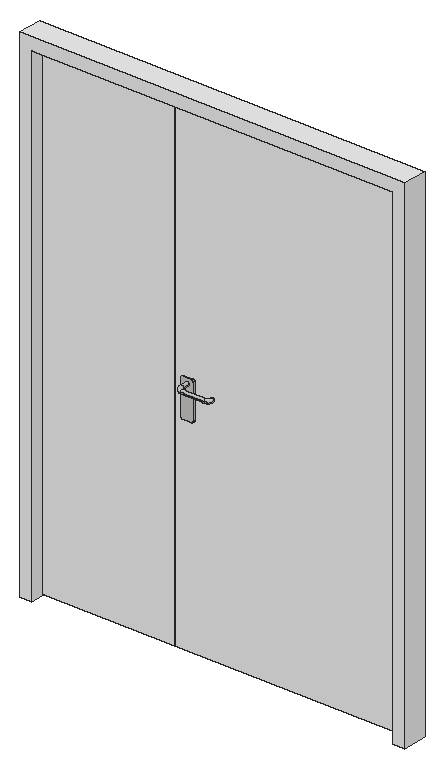
Revit family "Double Flush Uneven", category Doors, host Wall, Revit 2015
Parameters (values of type "10+6x21M")
  Wall Thickness [instance] = 200 mm
  URL = "www.cad-q.no"
  Material Threshold = Wood
  Material Panel = none
  Material Frame = none
  Gap Side [instance] = 10 mm
  Gap Top [instance] = 20 mm
  Threshold = no
  Width Side Panel = 600 mm
  Rough Width = 1590 mm
  Rough Height = 2090 mm
  Module Width Side Panel = Width Side Panel / 100 mm  # 6
  Module Width = Rough Width / 100 mm  # 16
  Module Height = Rough Height / 100 mm  # 21
  Model = ""
  Offset [instance] = 0 mm
  Height [instance] = Rough Height + Gap Top  # 2110 mm
  Wall Closure = By host
  Width [instance] = Rough Width + Gap Side * 2  # 1610 mm
  Function = Interior
  Frame Width = 50 mm
  Frame Depth = 100 mm
  Fire Rating = "-"
  DoorBasalOpening = "V"
  Door Handle [instance] = Stainless Steel : Stainless Steel
  Construction Type = ""
  Analytic Construction = "<None>"
Reference planes
  plane 1: y = -10
  plane 2 "Left": x = -875
  plane 3 "Right": x = 715
  plane 4: z = 2090
  plane 5 "Exterior": y = 90
  plane 6 "Interior": y = -110
  plane 7: x = -885
  plane 8: x = 725
  plane 9 "Offset": y = 90
  plane 10: z = 2110
  plane 11: z = 1045
  plane 12 "Center": x = -80
  plane 13: x = -275
  plane 14: x = -220
  plane 15: x = -885
  plane 16: x = 725
  plane 17: y = -10
  plane 18: z = 2110
Forms (mm)
  Sweep 1, solid, material <- "Material Frame"
    path origin (0, 90, 0) x (-1, 0, 0) y (0, 0, 1)
      loop
        line (875, 0) -> (875, 2090) -> (-715, 2090) -> (-715, 0)
    profile origin (715, 90, 1045) x (0, 1, 0) y (-1, 0, 0)
      loop
        line (0, 0) -> (0, 50) -> (-100, 50) -> (-100, 0) -> (0, 0)
  Sweep 2, solid, material "Wood" <- "Material Threshold", visible <- "Threshold"
    path origin (0, 90, 0) x (-1, 0, 0) y (0, 0, 1)
      loop
        line (-665, 0) -> (825, 0)
    profile origin (-80, 90, 0) x (0, 0, 1) y (0, 1, 0)
      loop
        line (0, 0) -> (0, -100) -> (10, -100) -> (10, 0) -> (0, 0)
  Extrusion 3, solid, material <- "Material Panel"
    sketch origin (0, 90, 0) x (-1, 0, 0) y (0, 0, 1)
      loop
        line (825, 10) -> (825, 2040) -> (275, 2040) -> (275, 10) -> (825, 10)
    from 0 to -50
  Extrusion 4, solid, material <- "Material Panel"
    sketch origin (0, 90, 0) x (-1, 0, 0) y (0, 0, 1)
      loop
        line (-665, 10) -> (275, 10) -> (275, 2040) -> (-665, 2040) -> (-665, 10)
    from 0 to -50
Lines and regions (mm)
  Opening 1
    outline origin (-3050, -110, 0) x (1, 0, 0) y (0, 0, 1)
      loop
        line (2165, 0) -> (3775, 0) -> (3775, 2110) -> (2165, 2110) -> (2165, 0)
  symbolic lines, style "DoorsFrameMullionProjection", detail levels medium
    curve 1: line (-885, 90, 0) -> (-825, 90, 0)
    curve 3: line (-825, -10, 0) -> (-885, -10, 0)
    curve 7: line (725, 90, 0) -> (665, 90, 0)
    curve 9: line (665, -10, 0) -> (725, -10, 0)
  symbolic lines, style "DoorsFrameMullionProjection", detail levels medium+fine
    curve 2: line (-825, 90, 0) -> (-825, -10, 0)
    curve 8: line (665, 90, 0) -> (665, -10, 0)
  symbolic lines, style "DoorsFrameMullionProjection", detail levels fine
    curve 4: line (-825, 90, 0) -> (-875, 90, 0)
    curve 5: line (-875, 90, 0) -> (-875, -10, 0)
    curve 6: line (-875, -10, 0) -> (-825, -10, 0)
    curve 10: line (665, 90, 0) -> (715, 90, 0)
    curve 11: line (715, 90, 0) -> (715, -10, 0)
    curve 12: line (715, -10, 0) -> (665, -10, 0)
  symbolic lines, style "DoorsFrameMullionProjection", visible <- "Threshold", detail levels medium+fine
    curve 13: line (-825, -10, 0) -> (665, -10, 0)
    curve 14: line (-825, 90, 0) -> (665, 90, 0)
  symbolic lines, style "Plan Swing", detail levels medium+fine
    curve 15: line (665, 90, 0) -> (665, 1030, 0)
    curve 16: arc (-275, 90, 0) -> (0.32, 754.68, 0) -> (665, 1030, 0) r 940
    curve 17: line (-825, 90, 0) -> (-825, 640, 0)
    curve 18: arc (-275, 90, 0) -> (-436.091, 478.909, 0) -> (-825, 640, 0) r 550
  symbolic lines, style "Plan Swing", detail levels coarse
    curve 19: arc (-275, 90, 0) -> (-453.665, 521.335, 0) -> (-885, 700, 0) r 610
    curve 20: line (-885, 700, 0) -> (-885, 90, 0)
    curve 21: arc (-275, 90, 0) -> (17.893, 797.107, 0) -> (725, 1090, 0) r 1000
    curve 22: line (725, 1090, 0) -> (725, 90, 0)
  symbolic lines, style "Elevation Swing", detail levels coarse+medium
    curve 23: line (715, 90, 2090) -> (-275, 90, 1045)
    curve 24: line (-275, 90, 1045) -> (715, 90, 0)
    curve 25: line (-875, 90, 2090) -> (-275, 90, 1045)
    curve 26: line (-275, 90, 1045) -> (-875, 90, 0)
Text (mm)
  text "Exterior" at (-2295.016, 1099.543, 0), in view "Ref. Level"
  text "Exterior" at (0, 1615.38, 3698.081), in view "Left"
  text "Exterior" at (0, 1036.032, 3874.932), in view "Right"
Dimensions and locks
  "Rough Width": plane 2 "Left" to plane 3 "Right"
  "Rough Height": plane 4 to host wall
  locked: plane 5 "Exterior" to host wall at 0
  locked: plane 6 "Interior" to host wall
  "Gap Side": plane 3 "Right" to plane 8
  "Gap Side": plane 7 to plane 2 "Left"
  "Gap Top": plane 4 to plane 10
  "Offset": plane 5 "Exterior" to plane 9 "Offset"
  locked: Sweep 2 sketch curve to Sweep 2 sketch curve at 10
  equal spacing: level, plane 11, plane 4
  equal spacing: plane 7, plane 12 "Center", plane 8
  locked: plane 14 to plane 13 at 55
  "Width Side Panel": plane 2 "Left" to plane 13
  "Frame Depth": plane 9 "Offset" to plane 17
  "Frame Width": Sweep 1 sketch curve to plane 3 "Right"
  "Wall Thickness": host wall to host wall
  aligned and locked: Opening 1 sketch curve to level
  aligned and locked: plane 1 to host wall
  aligned and locked: Opening 1 sketch curve to plane 8
  aligned and locked: plane 10 to Opening 1 sketch curve
  aligned and locked: Opening 1 sketch curve to plane 7
  aligned and locked: Sweep 2 sketch curve to Sweep 1
  aligned and locked: profile plane to Sweep 2 sketch curve
  aligned and locked: Sweep 1 sketch curve to plane 9 "Offset"
  aligned and locked: curve 1 to plane 9 "Offset"
  aligned and locked: curve 2 to Sweep 1
  aligned and locked: plane 9 "Offset" to curve 4
  aligned and locked: plane 2 "Left" to curve 5
  aligned and locked: Sweep 1 to curve 8
  aligned and locked: plane 9 "Offset" to curve 7
  aligned and locked: curve 10 to plane 9 "Offset"
  aligned and locked: plane 3 "Right" to curve 11
  aligned and locked: Extrusion 3 sketch curve to plane 13
  aligned and locked: Extrusion 4 sketch curve to plane 13
  aligned and locked: plane 7 to plane 15
  aligned and locked: plane 8 to plane 16
  aligned and locked: plane 17 to Sweep 1 sketch curve
  aligned and locked: Sweep 2 sketch curve to plane 17
  aligned and locked: plane 18 to plane 10
  aligned and locked: nested 2 to plane 9 "Offset"
  aligned and locked: Extrusion 4 to nested 1
  aligned and locked: plane 14 to nested 2
  aligned and locked: nested 1 to plane 14
  aligned and locked: curve 6 to plane 17
Automatic sketch dimensions
  Sweep 1 sketch curve to level = 0 mm  (x2)
  Sweep 1 sketch curve to plane 3 "Right" = 0 mm
  Sweep 1 sketch curve to plane 2 "Left" = 0 mm
  Sweep 1 sketch curve to plane 4 = 0 mm
  Sweep 1 sketch curve to profile plane = 0 mm
  Sweep 2 sketch curve to level = 0 mm
  Sweep 2 sketch curve to plane 2 "Left" = 50 mm
  Sweep 2 sketch curve to profile plane = 0 mm
  level to Extrusion 4 sketch curve = 10 mm
  plane 3 "Right" to Extrusion 4 sketch curve = 50 mm
  plane 4 to Extrusion 4 sketch curve = 50 mm
  Extrusion 3 sketch curve to plane 2 "Left" = 50 mm
  level to Extrusion 3 sketch curve = 10 mm
  plane 4 to Extrusion 3 sketch curve = 50 mm
  curve 1 to plane 7 = 0 mm
  curve 3 to plane 7 = 0 mm
  curve 21 to plane 13 = 0 mm
  curve 19 to plane 13 = 0 mm
  curve 18 to plane 13 = 0 mm
  curve 16 to plane 13 = 0 mm
  curve 9 to plane 8 = 0 mm
  curve 22 to plane 8 = 0 mm
  curve 24 to level = 0 mm
  plane 3 "Right" to curve 24 = 0 mm
  plane 3 "Right" to curve 23 = 0 mm
  curve 26 to plane 11 = 0 mm
  plane 13 to curve 26 = 0 mm
  curve 26 to level = 0 mm
  plane 2 "Left" to curve 26 = 0 mm
  plane 2 "Left" to curve 25 = 0 mm
  curve 25 to plane 4 = 0 mm
  curve 23 to plane 4 = 0 mm
Nested families
  nested 1: "Stainless Steel" at (-220, 40, 1000), type <- "Door Handle", type "Stainless Steel"
  nested 2: "Stainless Steel" at (-220, 90, 1000), type <- "Door Handle", type "Stainless Steel"
Definition of nested family "Stainless Steel"
  Parameters
    Assembly Code = ""
  Reference planes
    plane 1 "Center (Front/Back)": y = 0
    plane 2: z = 0
    plane 3 "Center (Left/Right)": x = 0
  Forms (mm)
    Extrusion 1, solid, detail levels medium+fine
      sketch origin (0, 0, 0) x (1, 0, 0) y (0, 0, 1)
        loop
          arc (-18, 22) -> (-22.95, 19.95) -> (-25, 15) r 7
          line (-25, 15) -> (-25, -130.014)
          arc (-25, -130.014) -> (-22.95, -134.963) -> (-18, -137.014) r 7
          line (-18, -137.014) -> (18, -137.014)
          arc (18, -137.014) -> (22.95, -134.963) -> (25, -130.014) r 7
          line (25, -130.014) -> (25, 15)
          arc (25, 15) -> (22.95, 19.95) -> (18, 22) r 7
          line (18, 22) -> (-18, 22)
      from 0 to 5.6
    Sweep 2, solid, detail levels medium+fine
      path origin (0, 0, 0) x (1, 0, 0) y (0, 1, 0)
        loop
          line (0, -5.608) -> (0, -35.608)
          arc (0, -35.608) -> (5.858, -49.75) -> (20, -55.608) r 20
          line (20, -55.608) -> (116.25, -55.608)
          arc (116.25, -55.608) -> (125.973, -51.58) -> (130, -41.858) r 13.75
          line (130, -41.858) -> (130, -38.476)
      profile origin (0, -20.608, 0) x (1, 0, 0) y (0, 0, 1)
        loop
          circle (0, 0) r 7.5
